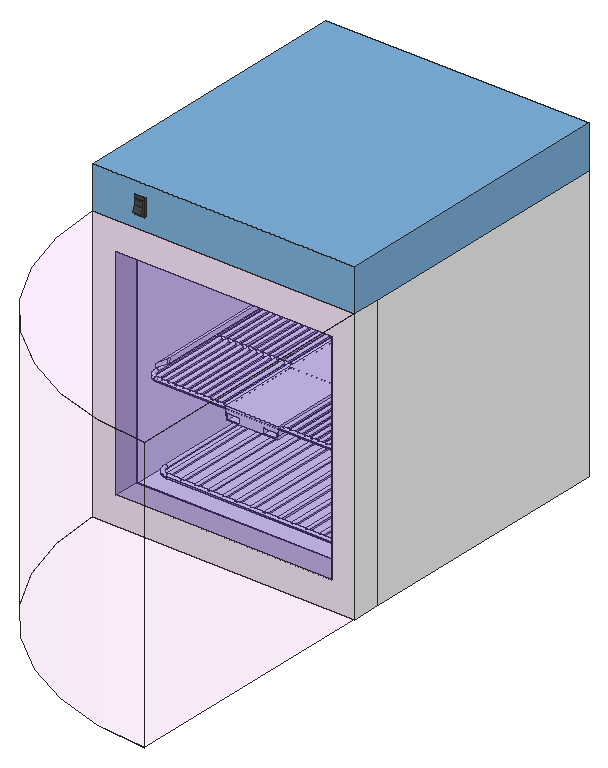
Revit family "QF_Summit_ACR22G_19_Wide_Healthcare_Regrigerator", category Specialty Equipment, Revit 2020 (continued)
Definition of nested family "LRHD"
  Definition of nested family "RHD"
    Parameters (values of type "RHD")
      NAFEM Spec ID Number = ""
      Masterspec = ""
      Length = 18.88"
      Item Number = ""
      Installed By = ""
      Identify Quantity as Lot = yes
      Height = 19.68"
      Furnished By = ""
      Foodservice Equipment Identifier = yes
      Depth = 2.00"
      Default Elevation = 0.00"
      CSI MasterFormat = ""
    Reference planes (in)
      plane 1 "BACK": y = 0
      plane 2: z = 0
      plane 3 "LEFT": x = 0
      plane 4 "RIGHT": x = 18.88
      plane 5 "FRONT": y = -2
      plane 6 "TOP": z = 19.68
      plane 7 "Center Y": x = 9.44
      plane 8 "Center X": y = -1
    Forms (in)
      Extrusion 1, solid, visible <- "Show Right Handed"
        sketch origin (0, 0, 0) x (1, 0, 0) y (0, 0, 1)
          loop
            line (0, 19.68) -> (0, 0) -> (18.88, 0) -> (18.88, 19.68) -> (0, 19.68)
          loop
            line (1.69, 17.68) -> (1.69, 2) -> (17.19, 2) -> (17.19, 17.68) -> (1.69, 17.68)
        from 0.21691 to 2
      Extrusion 2, solid, visible <- "Show Right Handed"
        sketch origin (0, 0, 0) x (1, 0, 0) y (0, 0, 1)
          loop
            line (1.69, 17.68) -> (1.69, 2) -> (17.19, 2) -> (17.19, 17.68) -> (1.69, 17.68)
        from 0.21691 to 2
      Extrusion 3, void
        sketch origin (0, -0.09375, 11.125) x (0, 1, 0) y (0, 0, 1)
          loop
            arc (-1.3125, 1.99103) -> (-1.48928, 1.91781) -> (-1.5625, 1.74103) r 0.25
            line (-1.5625, 1.74103) -> (-1.5625, -4.51018)
            arc (-1.5625, -4.51018) -> (-1.48928, -4.68696) -> (-1.3125, -4.76018) r 0.25
            line (-1.3125, -4.76018) -> (-0.6875, -4.76018)
            arc (-0.6875, -4.76018) -> (-0.51072, -4.68696) -> (-0.4375, -4.51018) r 0.25
            line (-0.4375, -4.51018) -> (-0.4375, 1.74103)
            arc (-0.4375, 1.74103) -> (-0.51072, 1.91781) -> (-0.6875, 1.99103) r 0.25
            line (-0.6875, 1.99103) -> (-1.3125, 1.99103)
        from 0 to 1.2952
      Extrusion 4, solid, visible <- "Show Clearance"
        sketch origin (0, 0, 0) x (1, 0, 0) y (0, 1, 0)
          loop
            arc (0, -2) -> (5.52982, -15.35018) -> (18.88, -20.88) r 18.88
            line (18.88, -20.88) -> (18.88, -2) -> (0, -2)
        from 0 to 19.68
      Extrusion 5, solid, visible <- "Show Right Handed"
        sketch origin (0, 0, 0) x (1, 0, 0) y (0, 0, 1)
          loop
            line (17.19, 18.93) -> (0.5, 18.93) -> (0.5, 0.75) -> (17.19, 0.75) -> (17.19, 1.25) -> (1, 1.25) -> (1, 18.43) -> (17.19, 18.43) -> (17.19, 18.93)
        from 0 to 0.21691
      Extrusion 6, solid, visible <- "Show Right Handed"
        sketch origin (0, 0, 0) x (1, 0, 0) y (0, 1, 0)
          loop
            line (17.19, 0) -> (17.19, -0.21691) -> (18.88, -0.21691) -> (18.88, 0) -> (17.19, 0)
        from 0 to 19.68
    Cuts and joins
      Extrusion 3 cuts Extrusion 1
      joined: Extrusion 1, Extrusion 6
      Extrusion 3 cuts Extrusion 2
    Lines and regions (in)
      symbolic lines
        curve 1: line (0, 0, 0) -> (0, -2, 0)
        curve 2: line (0, -2, 0) -> (18.88, -2, 0)
        curve 3: line (18.88, -2, 0) -> (18.88, 0, 0)
      symbolic lines, visible <- "Show Clearance"
        curve 4: arc (0, -2, 0) -> (0.80003, -7.43775, 0) -> (3.13233, -12.41466, 0) r 18.88
        curve 5: line (18.88, -2, 0) -> (3.13233, -12.41466, 0)
    Dimensions and locks (in)
      equal spacing: plane 3 "LEFT", plane 7 "Center Y", plane 4 "RIGHT"
      "Length": plane 3 "LEFT" to plane 4 "RIGHT"
      equal spacing: plane 5 "FRONT", plane 8 "Center X", plane 1 "BACK"
      "Depth": plane 5 "FRONT" to plane 1 "BACK"
      "Height": plane 6 "TOP" to level
      aligned and locked: level to plane 2
    Automatic sketch dimensions
      Extrusion 1 sketch curve to plane 3 "LEFT" = 0.00"
      plane 4 "RIGHT" to Extrusion 1 sketch curve = 0.00"
      plane 3 "LEFT" to Extrusion 1 sketch curve = 1.69"
      plane 4 "RIGHT" to Extrusion 1 sketch curve = 1.69"
      Extrusion 1 sketch curve to Extrusion 1 sketch curve = 2.00"
      Extrusion 1 sketch curve to plane 6 "TOP" = 2.00"
      Extrusion 1 sketch curve to plane 6 "TOP" = 0.00"
      Extrusion 1 sketch curve to level = 0.00"
      plane 3 "LEFT" to Extrusion 2 sketch curve = 1.69"
      plane 4 "RIGHT" to Extrusion 2 sketch curve = 1.69"
      level to Extrusion 2 sketch curve = 2.00"
      Extrusion 2 sketch curve to plane 6 "TOP" = 2.00"
      Extrusion 3 sketch curve to plane 5 "FRONT" = 0.34375"
      Extrusion 3 sketch curve to Extrusion 3 sketch curve = 0.25"  (x3)
      plane 8 "Center X" to Extrusion 3 sketch curve = 0.21875"  (x2)
      Extrusion 3 sketch curve to plane 6 "TOP" = 13.31518"
      Extrusion 3 sketch curve to Extrusion 3 sketch curve = 6.25121"
      curve 3 to plane 4 "RIGHT" = 0.00"
      curve 4 to plane 4 "RIGHT" = 0.00"
      plane 5 "FRONT" to curve 5 = 0.00"
      plane 3 "LEFT" to curve 5 = 3.13233"
      plane 5 "FRONT" to Extrusion 4 sketch curve = 0.00"
      plane 3 "LEFT" to Extrusion 4 sketch curve = 0.00"
      Extrusion 4 sketch curve to plane 4 "RIGHT" = 0.00"
      curve 1 to plane 3 "LEFT" = 0.00"
      plane 1 "BACK" to curve 3 = 0.00"
      plane 1 "BACK" to curve 1 = 0.00"
      plane 3 "LEFT" to Extrusion 5 sketch curve = 0.50"
      Extrusion 5 sketch curve to Extrusion 5 sketch curve = 0.50"  (x3)
      level to Extrusion 5 sketch curve = 0.75"
      plane 4 "RIGHT" to Extrusion 5 sketch curve = 1.69"  (x2)
      Extrusion 5 sketch curve to plane 6 "TOP" = 0.75"
      plane 1 "BACK" to Extrusion 6 sketch curve = 0.00"
      Extrusion 6 sketch curve to plane 4 "RIGHT" = 0.00"
      plane 4 "RIGHT" to Extrusion 6 sketch curve = 1.69"
      Extrusion 6 sketch curve to Extrusion 6 sketch curve = 0.21691"
  Definition of nested family "LHD"
    Parameters (values of type "LHD")
      Weight in Pounds = 0
      URL Cutsheet = ""
      Specification by User = ""
      Specification by Manufacturer = ""
      Show Left Handed [instance] = yes
      Show Clearance [instance] = yes
      Serial Number = ""
      Seismic Rating = ""
      SMACNA No = ""
      Revision Code = ""
      NAFEM Spec ID Number = ""
      Masterspec = ""
      Length = 18.88"
      Item Number = ""
      Installed By = ""
      Identify Quantity as Lot = yes
      Height = 19.68"
      Furnished By = ""
      Foodservice Equipment Identifier = yes
      Depth = 2.00"
      Default Elevation = 0.00"
      CSI MasterFormat = ""
    Reference planes (in)
      plane 1 "BACK": y = 0
      plane 2: z = 0
      plane 3 "LEFT": x = 0
      plane 4 "RIGHT": x = 18.88
      plane 5 "FRONT": y = -2
      plane 6 "TOP": z = 19.68
      plane 7 "Center Y": x = 9.44
      plane 8 "Center X": y = -1
    Forms (in)
      Extrusion 1, solid, visible <- "Show Left Handed"
        sketch origin (27.88, 0, 0) x (-1, 0, 0) y (0, 0, -1)
          loop
            line (9, -19.68) -> (27.88, -19.68) -> (27.88, 0) -> (9, 0) -> (9, -19.68)
          loop
            line (10.69, -17.68) -> (26.19, -17.68) -> (26.19, -2) -> (10.69, -2) -> (10.69, -17.68)
        from 0.21691 to 2
      Extrusion 2, void
        sketch origin (18.88, -0.09375, 11.25) x (0, 1, 0) y (0, 0, -1)
          loop
            line (-1.3125, -1.99103) -> (-0.6875, -1.99103)
            arc (-0.6875, -1.99103) -> (-0.51072, -1.91781) -> (-0.4375, -1.74103) r 0.25
            line (-0.4375, -1.74103) -> (-0.4375, 4.51018)
            arc (-0.4375, 4.51018) -> (-0.51072, 4.68696) -> (-0.6875, 4.76018) r 0.25
            line (-0.6875, 4.76018) -> (-1.3125, 4.76018)
            arc (-1.3125, 4.76018) -> (-1.48928, 4.68696) -> (-1.5625, 4.51018) r 0.25
            line (-1.5625, 4.51018) -> (-1.5625, -1.74103)
            arc (-1.5625, -1.74103) -> (-1.48928, -1.91781) -> (-1.3125, -1.99103) r 0.25
        from 0 to 1.2952
      Extrusion 3, solid, visible <- "Show Clearance"
        sketch origin (27.88, 0, 0) x (-1, 0, 0) y (0, -1, 0)
          loop
            line (9.00601, 2) -> (27.88, 2) -> (27.88, 20.87399)
            arc (27.88, 20.87399) -> (14.53407, 15.34593) -> (9.00601, 2) r 18.87399
        from 0 to 19.68
      Extrusion 4, solid, visible <- "Show Left Handed"
        sketch origin (23.88, 0, 0) x (-1, 0, 0) y (0, 0, -1)
          loop
            line (22.19, -18.93) -> (22.19, -18.43) -> (5.5, -18.43) -> (5.5, -1.25) -> (22.19, -1.25) -> (22.19, -0.75) -> (5, -0.75) -> (5, -18.93) -> (22.19, -18.93)
        from 0 to 0.21691
      Extrusion 5, solid, visible <- "Show Left Handed"
        sketch origin (27.88, 0, 0) x (-1, 0, 0) y (0, -1, 0)
          loop
            line (26.19, 0) -> (27.88, 0) -> (27.88, 0.21691) -> (26.19, 0.21691) -> (26.19, 0)
        from 0 to 19.68
      Extrusion 6, solid, visible <- "Show Left Handed"
        sketch origin (23.38, 0.03309, 0) x (-1, 0, 0) y (0, 0, -1)
          loop
            line (6.19, -17.68) -> (21.69, -17.68) -> (21.69, -2) -> (6.19, -2) -> (6.19, -17.68)
        from 0.21691 to 2
    Cuts and joins
      Extrusion 2 cuts Extrusion 1
      joined: Extrusion 1, Extrusion 5
    Lines and regions (in)
      symbolic lines
        curve 1: line (18.88, 0, 0) -> (18.88, -2, 0)
        curve 2: line (18.88, -2, 0) -> (0, -2, 0)
        curve 3: line (0, -2, 0) -> (0, 0, 0)
      symbolic lines, visible <- "Show Clearance"
        curve 4: line (0, -2, 0) -> (16.34535, -11.43699, 0)
        curve 5: arc (16.34535, -11.43699, 0) -> (18.23087, -6.88495, 0) -> (18.87399, -2, 0) r 18.87399
    Dimensions and locks (in)
      equal spacing: plane 3 "LEFT", plane 7 "Center Y", plane 4 "RIGHT"
      "Length": plane 3 "LEFT" to plane 4 "RIGHT"
      equal spacing: plane 5 "FRONT", plane 8 "Center X", plane 1 "BACK"
      "Depth": plane 5 "FRONT" to plane 1 "BACK"
      "Height": plane 6 "TOP" to level
      aligned and locked: level to plane 2
    Automatic sketch dimensions
      Extrusion 1 sketch curve to level = 0.00"
      Extrusion 1 sketch curve to plane 6 "TOP" = 0.00"
      plane 4 "RIGHT" to Extrusion 1 sketch curve = 0.00"
      Extrusion 1 sketch curve to Extrusion 1 sketch curve = 1.69"  (x2)
      plane 6 "TOP" to Extrusion 1 sketch curve = 2.00"
      Extrusion 1 sketch curve to plane 4 "RIGHT" = 17.19"
      Extrusion 1 sketch curve to level = 2.00"
      Extrusion 2 sketch curve to plane 5 "FRONT" = 0.34375"
      Extrusion 2 sketch curve to Extrusion 2 sketch curve = 0.25"  (x3)
      plane 8 "Center X" to Extrusion 2 sketch curve = 0.21875"  (x2)
      Extrusion 2 sketch curve to plane 6 "TOP" = 6.43897"
      Extrusion 2 sketch curve to Extrusion 2 sketch curve = 0.00"
      Extrusion 2 sketch curve to Extrusion 2 sketch curve = 6.25121"
      plane 6 "TOP" to Extrusion 4 sketch curve = 0.75"
      plane 4 "RIGHT" to Extrusion 4 sketch curve = 0.00"
      Extrusion 4 sketch curve to Extrusion 4 sketch curve = 0.50"  (x2)
      plane 6 "TOP" to Extrusion 4 sketch curve = 1.25"
      Extrusion 4 sketch curve to plane 4 "RIGHT" = 17.19"  (x2)
      Extrusion 4 sketch curve to level = 0.75"
      plane 1 "BACK" to Extrusion 5 sketch curve = 0.00"
      Extrusion 5 sketch curve to plane 1 "BACK" = 0.21691"
      Extrusion 5 sketch curve to plane 4 "RIGHT" = 17.19"
      Extrusion 5 sketch curve to Extrusion 5 sketch curve = 1.69"
      Extrusion 6 sketch curve to plane 4 "RIGHT" = 1.69"
      Extrusion 6 sketch curve to plane 3 "LEFT" = 1.69"
      Extrusion 6 sketch curve to level = 2.00"
      plane 6 "TOP" to Extrusion 6 sketch curve = 2.00"
      curve 4 to plane 3 "LEFT" = 0.00"
      curve 1 to plane 4 "RIGHT" = 0.00"
      plane 5 "FRONT" to curve 3 = 0.00"
      plane 1 "BACK" to curve 1 = 0.00"
      plane 1 "BACK" to curve 3 = 0.00"
      plane 4 "RIGHT" to curve 4 = 2.53465"
      plane 5 "FRONT" to Extrusion 3 sketch curve = 0.00"
      Extrusion 3 sketch curve to plane 3 "LEFT" = 0.00"
      plane 4 "RIGHT" to Extrusion 3 sketch curve = 0.00601"
      curve 5 to plane 3 "LEFT" = 0.00"
      plane 5 "FRONT" to curve 5 = 0.00"
      curve 5 to curve 1 = 0.00601"
